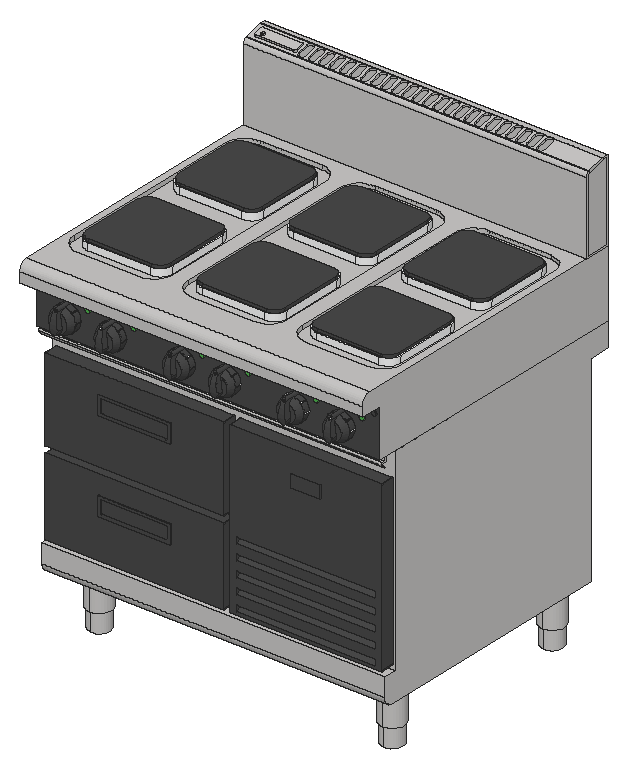
Revit family "QF_Moffat_RNB8600SE-RB_Electric_Cooktops_Sealed_Hobs_cat", category Specialty Equipment, Revit 2019 (continued)
Definition of nested family "High and Low Option"
  Forms (mm)
    Extrusion 3, solid, visible <- "High Back"
      sketch origin (0, 0, 0) x (0, 1, 0) y (0, 0, 1)
        loop
          arc (-60.278, 1114.555) -> (-64.982, 1111.412) -> (-66.8, 1106.055) r 8.8
          line (-66.8, 1106.055) -> (-66.8, 918.2) -> (-3.2, 918.2) -> (-3.2, 1126.909)
      from 0 to 3.2
    Extrusion 4, solid, visible <- "High Back"
      sketch origin (900, 0, 0) x (0, 1, 0) y (0, 0, -1)
        loop
          line (-3.2, -1126.909) -> (-3.2, -918.2) -> (-66.8, -918.2) -> (-66.8, -1106.055)
          arc (-66.8, -1106.055) -> (-64.982, -1111.412) -> (-60.278, -1114.555) r 8.8
          line (-60.278, -1114.555) -> (-14.172, -1126.909) -> (-3.2, -1126.909)
      from 0 to 3.2
    Extrusion 5, solid, visible <- "High Back"
      sketch origin (0, -15, 1130) x (0, -0.965926, -0.258819) y (1, 0, 0)
        loop
          line (47.732, 900) -> (0, 900) -> (0, 0) -> (47.732, 0) -> (47.732, 900)
        loop
          arc (11.379, 149.307) -> (1.379, 139.307) -> (11.379, 129.307) r 10
          line (11.379, 129.307) -> (36.495, 129.307)
          arc (36.495, 129.307) -> (46.495, 139.307) -> (36.495, 149.307) r 10
          line (36.495, 149.307) -> (11.379, 149.307)
        loop
          arc (11.379, 176.588) -> (1.379, 166.588) -> (11.379, 156.588) r 10
          line (11.379, 156.588) -> (36.495, 156.588)
          arc (36.495, 156.588) -> (46.495, 166.588) -> (36.495, 176.588) r 10
          line (36.495, 176.588) -> (11.379, 176.588)
        loop
          arc (11.379, 203.868) -> (1.379, 193.868) -> (11.379, 183.868) r 10
          line (11.379, 183.868) -> (36.495, 183.868)
          arc (36.495, 183.868) -> (46.495, 193.868) -> (36.495, 203.868) r 10
          line (36.495, 203.868) -> (11.379, 203.868)
        loop
          arc (11.379, 231.148) -> (1.379, 221.148) -> (11.379, 211.148) r 10
          line (11.379, 211.148) -> (36.495, 211.148)
          arc (36.495, 211.148) -> (46.495, 221.148) -> (36.495, 231.148) r 10
          line (36.495, 231.148) -> (11.379, 231.148)
        loop
          arc (11.379, 258.428) -> (1.379, 248.428) -> (11.379, 238.428) r 10
          line (11.379, 238.428) -> (36.495, 238.428)
          arc (36.495, 238.428) -> (46.495, 248.428) -> (36.495, 258.428) r 10
          line (36.495, 258.428) -> (11.379, 258.428)
        loop
          arc (11.379, 285.709) -> (1.379, 275.709) -> (11.379, 265.709) r 10
          line (11.379, 265.709) -> (36.495, 265.709)
          arc (36.495, 265.709) -> (46.495, 275.709) -> (36.495, 285.709) r 10
          line (36.495, 285.709) -> (11.379, 285.709)
        loop
          arc (11.379, 312.989) -> (1.379, 302.989) -> (11.379, 292.989) r 10
          line (11.379, 292.989) -> (36.495, 292.989)
          arc (36.495, 292.989) -> (46.495, 302.989) -> (36.495, 312.989) r 10
          line (36.495, 312.989) -> (11.379, 312.989)
        loop
          arc (11.379, 340.269) -> (1.379, 330.269) -> (11.379, 320.269) r 10
          line (11.379, 320.269) -> (36.495, 320.269)
          arc (36.495, 320.269) -> (46.495, 330.269) -> (36.495, 340.269) r 10
          line (36.495, 340.269) -> (11.379, 340.269)
        loop
          arc (11.379, 367.549) -> (1.379, 357.549) -> (11.379, 347.549) r 10
          line (11.379, 347.549) -> (36.495, 347.549)
          arc (36.495, 347.549) -> (46.495, 357.549) -> (36.495, 367.549) r 10
          line (36.495, 367.549) -> (11.379, 367.549)
        loop
          arc (11.379, 394.829) -> (1.379, 384.829) -> (11.379, 374.829) r 10
          line (11.379, 374.829) -> (36.495, 374.829)
          arc (36.495, 374.829) -> (46.495, 384.829) -> (36.495, 394.829) r 10
          line (36.495, 394.829) -> (11.379, 394.829)
        loop
          arc (11.379, 422.11) -> (1.379, 412.11) -> (11.379, 402.11) r 10
          line (11.379, 402.11) -> (36.495, 402.11)
          arc (36.495, 402.11) -> (46.495, 412.11) -> (36.495, 422.11) r 10
          line (36.495, 422.11) -> (11.379, 422.11)
        loop
          arc (11.379, 449.39) -> (1.379, 439.39) -> (11.379, 429.39) r 10
          line (11.379, 429.39) -> (36.495, 429.39)
          arc (36.495, 429.39) -> (46.495, 439.39) -> (36.495, 449.39) r 10
          line (36.495, 449.39) -> (11.379, 449.39)
        loop
          arc (11.379, 476.67) -> (1.379, 466.67) -> (11.379, 456.67) r 10
          line (11.379, 456.67) -> (36.495, 456.67)
          arc (36.495, 456.67) -> (46.495, 466.67) -> (36.495, 476.67) r 10
          line (36.495, 476.67) -> (11.379, 476.67)
        loop
          arc (11.379, 503.95) -> (1.379, 493.95) -> (11.379, 483.95) r 10
          line (11.379, 483.95) -> (36.495, 483.95)
          arc (36.495, 483.95) -> (46.495, 493.95) -> (36.495, 503.95) r 10
          line (36.495, 503.95) -> (11.379, 503.95)
        loop
          arc (11.379, 531.23) -> (1.379, 521.23) -> (11.379, 511.23) r 10
          line (11.379, 511.23) -> (36.495, 511.23)
          arc (36.495, 511.23) -> (46.495, 521.23) -> (36.495, 531.23) r 10
          line (36.495, 531.23) -> (11.379, 531.23)
        loop
          arc (11.379, 558.511) -> (1.379, 548.511) -> (11.379, 538.511) r 10
          line (11.379, 538.511) -> (36.495, 538.511)
          arc (36.495, 538.511) -> (46.495, 548.511) -> (36.495, 558.511) r 10
          line (36.495, 558.511) -> (11.379, 558.511)
        loop
          arc (11.379, 585.791) -> (1.379, 575.791) -> (11.379, 565.791) r 10
          line (11.379, 565.791) -> (36.495, 565.791)
          arc (36.495, 565.791) -> (46.495, 575.791) -> (36.495, 585.791) r 10
          line (36.495, 585.791) -> (11.379, 585.791)
        loop
          arc (11.379, 613.071) -> (1.379, 603.071) -> (11.379, 593.071) r 10
          line (11.379, 593.071) -> (36.495, 593.071)
          arc (36.495, 593.071) -> (46.495, 603.071) -> (36.495, 613.071) r 10
          line (36.495, 613.071) -> (11.379, 613.071)
        loop
          arc (11.379, 640.351) -> (1.379, 630.351) -> (11.379, 620.351) r 10
          line (11.379, 620.351) -> (36.495, 620.351)
          arc (36.495, 620.351) -> (46.495, 630.351) -> (36.495, 640.351) r 10
          line (36.495, 640.351) -> (11.379, 640.351)
        loop
          arc (11.379, 667.632) -> (1.379, 657.632) -> (11.379, 647.632) r 10
          line (11.379, 647.632) -> (36.495, 647.632)
          arc (36.495, 647.632) -> (46.495, 657.632) -> (36.495, 667.632) r 10
          line (36.495, 667.632) -> (11.379, 667.632)
        loop
          arc (11.379, 694.912) -> (1.379, 684.912) -> (11.379, 674.912) r 10
          line (11.379, 674.912) -> (36.495, 674.912)
          arc (36.495, 674.912) -> (46.495, 684.912) -> (36.495, 694.912) r 10
          line (36.495, 694.912) -> (11.379, 694.912)
        loop
          arc (11.379, 722.192) -> (1.379, 712.192) -> (11.379, 702.192) r 10
          line (11.379, 702.192) -> (36.495, 702.192)
          arc (36.495, 702.192) -> (46.495, 712.192) -> (36.495, 722.192) r 10
          line (36.495, 722.192) -> (11.379, 722.192)
        loop
          arc (11.379, 749.472) -> (1.379, 739.472) -> (11.379, 729.472) r 10
          line (11.379, 729.472) -> (36.495, 729.472)
          arc (36.495, 729.472) -> (46.495, 739.472) -> (36.495, 749.472) r 10
          line (36.495, 749.472) -> (11.379, 749.472)
        loop
          arc (11.379, 776.752) -> (1.379, 766.752) -> (11.379, 756.752) r 10
          line (11.379, 756.752) -> (36.495, 756.752)
          arc (36.495, 756.752) -> (46.495, 766.752) -> (36.495, 776.752) r 10
          line (36.495, 776.752) -> (11.379, 776.752)
      from 0 to -3.2
    Extrusion 6, solid, visible <- "Low Back", not visible
      sketch origin (0, 0, 600) x (0, 1, 0) y (0, 0, 1)
        loop
          line (-70, 315) -> (0, 315) -> (0, 370) -> (-55, 370) -> (-70, 355) -> (-70, 315)
      from 0 to 900
    Extrusion 7, solid, visible <- "High Back", not visible
      sketch origin (0, 0, 0) x (0, 1, 0) y (0, 0, 1)
        loop
          line (-70, 915) -> (0, 915) -> (0, 1130) -> (-15, 1130) -> (-14.172, 1126.909) -> (-3.2, 1126.909) -> (-3.2, 918.2) -> (-66.8, 918.2) -> (-66.8, 1106.055)
          arc (-66.8, 1106.055) -> (-64.982, 1111.412) -> (-60.278, 1114.555) r 8.8
          line (-60.278, 1114.555) -> (-61.106, 1117.646)
          arc (-61.106, 1117.646) -> (-67.52, 1113.36) -> (-70, 1106.055) r 12
          line (-70, 1106.055) -> (-70, 915)
      from 0 to 900
    Extrusion 8, solid, visible <- "High Back", not visible
      sketch origin (0, 0, 0) x (0, 1, 0) y (0, 0, 1)
        loop
          line (-3.2, 1126.909) -> (-14.172, 1126.909) -> (-60.278, 1114.555)
          arc (-60.278, 1114.555) -> (-64.982, 1111.412) -> (-66.8, 1106.055) r 8.8
          line (-66.8, 1106.055) -> (-66.8, 918.2) -> (-3.2, 918.2) -> (-3.2, 1126.909)
      from 0 to 3.2
    Extrusion 9, solid, visible <- "High Back", not visible
      sketch origin (900, 0, 0) x (0, 1, 0) y (0, 0, -1)
        loop
          line (-3.2, -1126.909) -> (-3.2, -918.2) -> (-66.8, -918.2) -> (-66.8, -1106.055)
          arc (-66.8, -1106.055) -> (-64.982, -1111.412) -> (-60.278, -1114.555) r 8.8
          line (-60.278, -1114.555) -> (-14.172, -1126.909) -> (-3.2, -1126.909)
      from 0 to 3.2
    Extrusion 10, solid, visible <- "High Back", not visible
      sketch origin (0, -15, 1130) x (0, -0.965926, -0.258819) y (1, 0, 0)
        loop
          line (47.732, 900) -> (0, 900) -> (0, 0) -> (47.732, 0) -> (47.732, 900)
        loop
          arc (11.379, 149.307) -> (1.379, 139.307) -> (11.379, 129.307) r 10
          line (11.379, 129.307) -> (36.495, 129.307)
          arc (36.495, 129.307) -> (46.495, 139.307) -> (36.495, 149.307) r 10
          line (36.495, 149.307) -> (11.379, 149.307)
        loop
          arc (11.379, 176.588) -> (1.379, 166.588) -> (11.379, 156.588) r 10
          line (11.379, 156.588) -> (36.495, 156.588)
          arc (36.495, 156.588) -> (46.495, 166.588) -> (36.495, 176.588) r 10
          line (36.495, 176.588) -> (11.379, 176.588)
        loop
          arc (11.379, 203.868) -> (1.379, 193.868) -> (11.379, 183.868) r 10
          line (11.379, 183.868) -> (36.495, 183.868)
          arc (36.495, 183.868) -> (46.495, 193.868) -> (36.495, 203.868) r 10
          line (36.495, 203.868) -> (11.379, 203.868)
        loop
          arc (11.379, 231.148) -> (1.379, 221.148) -> (11.379, 211.148) r 10
          line (11.379, 211.148) -> (36.495, 211.148)
          arc (36.495, 211.148) -> (46.495, 221.148) -> (36.495, 231.148) r 10
          line (36.495, 231.148) -> (11.379, 231.148)
        loop
          arc (11.379, 258.428) -> (1.379, 248.428) -> (11.379, 238.428) r 10
          line (11.379, 238.428) -> (36.495, 238.428)
          arc (36.495, 238.428) -> (46.495, 248.428) -> (36.495, 258.428) r 10
          line (36.495, 258.428) -> (11.379, 258.428)
        loop
          arc (11.379, 285.709) -> (1.379, 275.709) -> (11.379, 265.709) r 10
          line (11.379, 265.709) -> (36.495, 265.709)
          arc (36.495, 265.709) -> (46.495, 275.709) -> (36.495, 285.709) r 10
          line (36.495, 285.709) -> (11.379, 285.709)
        loop
          arc (11.379, 312.989) -> (1.379, 302.989) -> (11.379, 292.989) r 10
          line (11.379, 292.989) -> (36.495, 292.989)
          arc (36.495, 292.989) -> (46.495, 302.989) -> (36.495, 312.989) r 10
          line (36.495, 312.989) -> (11.379, 312.989)
        loop
          arc (11.379, 340.269) -> (1.379, 330.269) -> (11.379, 320.269) r 10
          line (11.379, 320.269) -> (36.495, 320.269)
          arc (36.495, 320.269) -> (46.495, 330.269) -> (36.495, 340.269) r 10
          line (36.495, 340.269) -> (11.379, 340.269)
        loop
          arc (11.379, 367.549) -> (1.379, 357.549) -> (11.379, 347.549) r 10
          line (11.379, 347.549) -> (36.495, 347.549)
          arc (36.495, 347.549) -> (46.495, 357.549) -> (36.495, 367.549) r 10
          line (36.495, 367.549) -> (11.379, 367.549)
        loop
          arc (11.379, 394.829) -> (1.379, 384.829) -> (11.379, 374.829) r 10
          line (11.379, 374.829) -> (36.495, 374.829)
          arc (36.495, 374.829) -> (46.495, 384.829) -> (36.495, 394.829) r 10
          line (36.495, 394.829) -> (11.379, 394.829)
        loop
          arc (11.379, 422.11) -> (1.379, 412.11) -> (11.379, 402.11) r 10
          line (11.379, 402.11) -> (36.495, 402.11)
          arc (36.495, 402.11) -> (46.495, 412.11) -> (36.495, 422.11) r 10
          line (36.495, 422.11) -> (11.379, 422.11)
        loop
          arc (11.379, 449.39) -> (1.379, 439.39) -> (11.379, 429.39) r 10
          line (11.379, 429.39) -> (36.495, 429.39)
          arc (36.495, 429.39) -> (46.495, 439.39) -> (36.495, 449.39) r 10
          line (36.495, 449.39) -> (11.379, 449.39)
        loop
          arc (11.379, 476.67) -> (1.379, 466.67) -> (11.379, 456.67) r 10
          line (11.379, 456.67) -> (36.495, 456.67)
          arc (36.495, 456.67) -> (46.495, 466.67) -> (36.495, 476.67) r 10
          line (36.495, 476.67) -> (11.379, 476.67)
        loop
          arc (11.379, 503.95) -> (1.379, 493.95) -> (11.379, 483.95) r 10
          line (11.379, 483.95) -> (36.495, 483.95)
          arc (36.495, 483.95) -> (46.495, 493.95) -> (36.495, 503.95) r 10
          line (36.495, 503.95) -> (11.379, 503.95)
        loop
          arc (11.379, 531.23) -> (1.379, 521.23) -> (11.379, 511.23) r 10
          line (11.379, 511.23) -> (36.495, 511.23)
          arc (36.495, 511.23) -> (46.495, 521.23) -> (36.495, 531.23) r 10
          line (36.495, 531.23) -> (11.379, 531.23)
        loop
          arc (11.379, 558.511) -> (1.379, 548.511) -> (11.379, 538.511) r 10
          line (11.379, 538.511) -> (36.495, 538.511)
          arc (36.495, 538.511) -> (46.495, 548.511) -> (36.495, 558.511) r 10
          line (36.495, 558.511) -> (11.379, 558.511)
        loop
          arc (11.379, 585.791) -> (1.379, 575.791) -> (11.379, 565.791) r 10
          line (11.379, 565.791) -> (36.495, 565.791)
          arc (36.495, 565.791) -> (46.495, 575.791) -> (36.495, 585.791) r 10
          line (36.495, 585.791) -> (11.379, 585.791)
        loop
          arc (11.379, 613.071) -> (1.379, 603.071) -> (11.379, 593.071) r 10
          line (11.379, 593.071) -> (36.495, 593.071)
          arc (36.495, 593.071) -> (46.495, 603.071) -> (36.495, 613.071) r 10
          line (36.495, 613.071) -> (11.379, 613.071)
        loop
          arc (11.379, 640.351) -> (1.379, 630.351) -> (11.379, 620.351) r 10
          line (11.379, 620.351) -> (36.495, 620.351)
          arc (36.495, 620.351) -> (46.495, 630.351) -> (36.495, 640.351) r 10
          line (36.495, 640.351) -> (11.379, 640.351)
        loop
          arc (11.379, 667.632) -> (1.379, 657.632) -> (11.379, 647.632) r 10
          line (11.379, 647.632) -> (36.495, 647.632)
          arc (36.495, 647.632) -> (46.495, 657.632) -> (36.495, 667.632) r 10
          line (36.495, 667.632) -> (11.379, 667.632)
        loop
          arc (11.379, 694.912) -> (1.379, 684.912) -> (11.379, 674.912) r 10
          line (11.379, 674.912) -> (36.495, 674.912)
          arc (36.495, 674.912) -> (46.495, 684.912) -> (36.495, 694.912) r 10
          line (36.495, 694.912) -> (11.379, 694.912)
        loop
          arc (11.379, 722.192) -> (1.379, 712.192) -> (11.379, 702.192) r 10
          line (11.379, 702.192) -> (36.495, 702.192)
          arc (36.495, 702.192) -> (46.495, 712.192) -> (36.495, 722.192) r 10
          line (36.495, 722.192) -> (11.379, 722.192)
        loop
          arc (11.379, 749.472) -> (1.379, 739.472) -> (11.379, 729.472) r 10
          line (11.379, 729.472) -> (36.495, 729.472)
          arc (36.495, 729.472) -> (46.495, 739.472) -> (36.495, 749.472) r 10
          line (36.495, 749.472) -> (11.379, 749.472)
        loop
          arc (11.379, 776.752) -> (1.379, 766.752) -> (11.379, 756.752) r 10
          line (11.379, 756.752) -> (36.495, 756.752)
          arc (36.495, 756.752) -> (46.495, 766.752) -> (36.495, 776.752) r 10
          line (36.495, 776.752) -> (11.379, 776.752)
      from 0 to -3.2
  Lines and regions (mm)
    symbolic lines
      curve 1: line (0, -71.587, 946.25) -> (0, -71.587, 923.25)
      curve 2: line (0, 0, 0) -> (900, 0, 0)
      curve 3: line (0, -70, 0) -> (0, 0, 0)
      curve 4: line (900, -70, 0) -> (0, -70, 0)
      curve 5: line (900, 0, 0) -> (900, -70, 0)
      curve 202: line (0, 0, 0) -> (900, 0, 0)
      curve 203: line (0, -70, 0) -> (0, 0, 0)
      curve 204: line (900, -70, 0) -> (0, -70, 0)
      curve 205: line (900, 0, 0) -> (900, -70, 0)
    symbolic lines, visible <- "High Back"
      curve 6: line (129.307, -50.251, 0) -> (129.307, -25.991, 0)
      curve 7: spline (129.307, -25.991, 0) -> (129.648, -23.491, 0) -> (130.647, -21.162, 0) -> (132.236, -19.161, 0) -> (134.307, -17.626, 0) -> (136.719, -16.661, 0) -> (139.307, -16.332, 0) -> (141.896, -16.661, 0) -> (144.307, -17.626, 0) -> (146.379, -19.161, 0) -> (147.968, -21.162, 0) -> (148.967, -23.491, 0) -> (149.307, -25.991, 0)
      curve 8: line (149.307, -25.991, 0) -> (149.307, -50.251, 0)
      curve 9: spline (149.307, -50.251, 0) -> (148.967, -52.751, 0) -> (147.968, -55.081, 0) -> (146.379, -57.081, 0) -> (144.307, -58.616, 0) -> (141.896, -59.581, 0) -> (139.307, -59.91, 0) -> (136.719, -59.581, 0) -> (134.307, -58.616, 0) -> (132.236, -57.081, 0) -> (130.647, -55.081, 0) -> (129.648, -52.751, 0) -> (129.307, -50.251, 0)
      curve 10: line (156.588, -50.251, 0) -> (156.588, -25.991, 0)
      curve 11: spline (156.588, -25.991, 0) -> (156.928, -23.491, 0) -> (157.927, -21.162, 0) -> (159.517, -19.161, 0) -> (161.588, -17.626, 0) -> (164, -16.661, 0) -> (166.588, -16.332, 0) -> (169.176, -16.661, 0) -> (171.588, -17.626, 0) -> (173.659, -19.161, 0) -> (175.248, -21.162, 0) -> (176.247, -23.491, 0) -> (176.588, -25.991, 0)
      curve 12: line (176.588, -25.991, 0) -> (176.588, -50.251, 0)
      curve 13: spline (176.588, -50.251, 0) -> (176.247, -52.751, 0) -> (175.248, -55.081, 0) -> (173.659, -57.081, 0) -> (171.588, -58.616, 0) -> (169.176, -59.581, 0) -> (166.588, -59.91, 0) -> (164, -59.581, 0) -> (161.588, -58.616, 0) -> (159.517, -57.081, 0) -> (157.927, -55.081, 0) -> (156.928, -52.751, 0) -> (156.588, -50.251, 0)
      curve 14: line (183.868, -50.251, 0) -> (183.868, -25.991, 0)
      curve 15: spline (183.868, -25.991, 0) -> (184.209, -23.491, 0) -> (185.208, -21.162, 0) -> (186.797, -19.161, 0) -> (188.868, -17.626, 0) -> (191.28, -16.661, 0) -> (193.868, -16.332, 0) -> (196.456, -16.661, 0) -> (198.868, -17.626, 0) -> (200.939, -19.161, 0) -> (202.528, -21.162, 0) -> (203.527, -23.491, 0) -> (203.868, -25.991, 0)
      curve 16: line (203.868, -25.991, 0) -> (203.868, -50.251, 0)
      curve 17: spline (203.868, -50.251, 0) -> (203.527, -52.751, 0) -> (202.528, -55.081, 0) -> (200.939, -57.081, 0) -> (198.868, -58.616, 0) -> (196.456, -59.581, 0) -> (193.868, -59.91, 0) -> (191.28, -59.581, 0) -> (188.868, -58.616, 0) -> (186.797, -57.081, 0) -> (185.208, -55.081, 0) -> (184.209, -52.751, 0) -> (183.868, -50.251, 0)
      curve 18: line (211.148, -50.251, 0) -> (211.148, -25.991, 0)
      curve 19: spline (211.148, -25.991, 0) -> (211.489, -23.491, 0) -> (212.488, -21.162, 0) -> (214.077, -19.161, 0) -> (216.148, -17.626, 0) -> (218.56, -16.661, 0) -> (221.148, -16.332, 0) -> (223.736, -16.661, 0) -> (226.148, -17.626, 0) -> (228.219, -19.161, 0) -> (229.808, -21.162, 0) -> (230.807, -23.491, 0) -> (231.148, -25.991, 0)
      curve 20: line (231.148, -25.991, 0) -> (231.148, -50.251, 0)
      curve 21: spline (231.148, -50.251, 0) -> (230.807, -52.751, 0) -> (229.808, -55.081, 0) -> (228.219, -57.081, 0) -> (226.148, -58.616, 0) -> (223.736, -59.581, 0) -> (221.148, -59.91, 0) -> (218.56, -59.581, 0) -> (216.148, -58.616, 0) -> (214.077, -57.081, 0) -> (212.488, -55.081, 0) -> (211.489, -52.751, 0) -> (211.148, -50.251, 0)
      curve 22: line (238.428, -50.251, 0) -> (238.428, -25.991, 0)
      curve 23: spline (238.428, -25.991, 0) -> (238.769, -23.491, 0) -> (239.768, -21.162, 0) -> (241.357, -19.161, 0) -> (243.428, -17.626, 0) -> (245.84, -16.661, 0) -> (248.428, -16.332, 0) -> (251.017, -16.661, 0) -> (253.428, -17.626, 0) -> (255.499, -19.161, 0) -> (257.089, -21.162, 0) -> (258.088, -23.491, 0) -> (258.428, -25.991, 0)
      curve 24: line (258.428, -25.991, 0) -> (258.428, -50.251, 0)
      curve 25: spline (258.428, -50.251, 0) -> (258.088, -52.751, 0) -> (257.089, -55.081, 0) -> (255.499, -57.081, 0) -> (253.428, -58.616, 0) -> (251.017, -59.581, 0) -> (248.428, -59.91, 0) -> (245.84, -59.581, 0) -> (243.428, -58.616, 0) -> (241.357, -57.081, 0) -> (239.768, -55.081, 0) -> (238.769, -52.751, 0) -> (238.428, -50.251, 0)
      curve 26: line (265.709, -50.251, 0) -> (265.709, -25.991, 0)
      curve 27: spline (265.709, -25.991, 0) -> (266.049, -23.491, 0) -> (267.048, -21.162, 0) -> (268.637, -19.161, 0) -> (270.709, -17.626, 0) -> (273.12, -16.661, 0) -> (275.709, -16.332, 0) -> (278.297, -16.661, 0) -> (280.709, -17.626, 0) -> (282.78, -19.161, 0) -> (284.369, -21.162, 0) -> (285.368, -23.491, 0) -> (285.709, -25.991, 0)
      curve 28: line (285.709, -25.991, 0) -> (285.709, -50.251, 0)
      curve 29: spline (285.709, -50.251, 0) -> (285.368, -52.751, 0) -> (284.369, -55.081, 0) -> (282.78, -57.081, 0) -> (280.709, -58.616, 0) -> (278.297, -59.581, 0) -> (275.709, -59.91, 0) -> (273.12, -59.581, 0) -> (270.709, -58.616, 0) -> (268.637, -57.081, 0) -> (267.048, -55.081, 0) -> (266.049, -52.751, 0) -> (265.709, -50.251, 0)
      curve 30: line (292.989, -50.251, 0) -> (292.989, -25.991, 0)
      curve 31: spline (292.989, -25.991, 0) -> (293.329, -23.491, 0) -> (294.329, -21.162, 0) -> (295.918, -19.161, 0) -> (297.989, -17.626, 0) -> (300.401, -16.661, 0) -> (302.989, -16.332, 0) -> (305.577, -16.661, 0) -> (307.989, -17.626, 0) -> (310.06, -19.161, 0) -> (311.649, -21.162, 0) -> (312.648, -23.491, 0) -> (312.989, -25.991, 0)
      curve 32: line (312.989, -25.991, 0) -> (312.989, -50.251, 0)
      curve 33: spline (312.989, -50.251, 0) -> (312.648, -52.751, 0) -> (311.649, -55.081, 0) -> (310.06, -57.081, 0) -> (307.989, -58.616, 0) -> (305.577, -59.581, 0) -> (302.989, -59.91, 0) -> (300.401, -59.581, 0) -> (297.989, -58.616, 0) -> (295.918, -57.081, 0) -> (294.329, -55.081, 0) -> (293.329, -52.751, 0) -> (292.989, -50.251, 0)
      curve 34: line (320.269, -50.251, 0) -> (320.269, -25.991, 0)
      curve 35: spline (320.269, -25.991, 0) -> (320.61, -23.491, 0) -> (321.609, -21.162, 0) -> (323.198, -19.161, 0) -> (325.269, -17.626, 0) -> (327.681, -16.661, 0) -> (330.269, -16.332, 0) -> (332.857, -16.661, 0) -> (335.269, -17.626, 0) -> (337.34, -19.161, 0) -> (338.929, -21.162, 0) -> (339.928, -23.491, 0) -> (340.269, -25.991, 0)
      curve 36: line (340.269, -25.991, 0) -> (340.269, -50.251, 0)
      curve 37: spline (340.269, -50.251, 0) -> (339.928, -52.751, 0) -> (338.929, -55.081, 0) -> (337.34, -57.081, 0) -> (335.269, -58.616, 0) -> (332.857, -59.581, 0) -> (330.269, -59.91, 0) -> (327.681, -59.581, 0) -> (325.269, -58.616, 0) -> (323.198, -57.081, 0) -> (321.609, -55.081, 0) -> (320.61, -52.751, 0) -> (320.269, -50.251, 0)
      curve 38: line (347.549, -50.251, 0) -> (347.549, -25.991, 0)
      curve 39: spline (347.549, -25.991, 0) -> (347.89, -23.491, 0) -> (348.889, -21.162, 0) -> (350.478, -19.161, 0) -> (352.549, -17.626, 0) -> (354.961, -16.661, 0) -> (357.549, -16.332, 0) -> (360.137, -16.661, 0) -> (362.549, -17.626, 0) -> (364.62, -19.161, 0) -> (366.209, -21.162, 0) -> (367.208, -23.491, 0) -> (367.549, -25.991, 0)
      curve 40: line (367.549, -25.991, 0) -> (367.549, -50.251, 0)
      curve 41: spline (367.549, -50.251, 0) -> (367.208, -52.751, 0) -> (366.209, -55.081, 0) -> (364.62, -57.081, 0) -> (362.549, -58.616, 0) -> (360.137, -59.581, 0) -> (357.549, -59.91, 0) -> (354.961, -59.581, 0) -> (352.549, -58.616, 0) -> (350.478, -57.081, 0) -> (348.889, -55.081, 0) -> (347.89, -52.751, 0) -> (347.549, -50.251, 0)
      curve 42: line (374.829, -50.251, 0) -> (374.829, -25.991, 0)
      curve 43: spline (374.829, -25.991, 0) -> (375.17, -23.491, 0) -> (376.169, -21.162, 0) -> (377.758, -19.161, 0) -> (379.829, -17.626, 0) -> (382.241, -16.661, 0) -> (384.829, -16.332, 0) -> (387.418, -16.661, 0) -> (389.829, -17.626, 0) -> (391.9, -19.161, 0) -> (393.49, -21.162, 0) -> (394.489, -23.491, 0) -> (394.829, -25.991, 0)
      curve 44: line (394.829, -25.991, 0) -> (394.829, -50.251, 0)
      curve 45: spline (394.829, -50.251, 0) -> (394.489, -52.751, 0) -> (393.49, -55.081, 0) -> (391.9, -57.081, 0) -> (389.829, -58.616, 0) -> (387.418, -59.581, 0) -> (384.829, -59.91, 0) -> (382.241, -59.581, 0) -> (379.829, -58.616, 0) -> (377.758, -57.081, 0) -> (376.169, -55.081, 0) -> (375.17, -52.751, 0) -> (374.829, -50.251, 0)
      curve 46: line (402.11, -50.251, 0) -> (402.11, -25.991, 0)
      curve 47: spline (402.11, -25.991, 0) -> (402.45, -23.491, 0) -> (403.449, -21.162, 0) -> (405.039, -19.161, 0) -> (407.11, -17.626, 0) -> (409.521, -16.661, 0) -> (412.11, -16.332, 0) -> (414.698, -16.661, 0) -> (417.11, -17.626, 0) -> (419.181, -19.161, 0) -> (420.77, -21.162, 0) -> (421.769, -23.491, 0) -> (422.11, -25.991, 0)
      curve 48: line (422.11, -25.991, 0) -> (422.11, -50.251, 0)
      curve 49: spline (422.11, -50.251, 0) -> (421.769, -52.751, 0) -> (420.77, -55.081, 0) -> (419.181, -57.081, 0) -> (417.11, -58.616, 0) -> (414.698, -59.581, 0) -> (412.11, -59.91, 0) -> (409.521, -59.581, 0) -> (407.11, -58.616, 0) -> (405.039, -57.081, 0) -> (403.449, -55.081, 0) -> (402.45, -52.751, 0) -> (402.11, -50.251, 0)
      curve 50: line (429.39, -50.251, 0) -> (429.39, -25.991, 0)
      curve 51: spline (429.39, -25.991, 0) -> (429.731, -23.491, 0) -> (430.73, -21.162, 0) -> (432.319, -19.161, 0) -> (434.39, -17.626, 0) -> (436.802, -16.661, 0) -> (439.39, -16.332, 0) -> (441.978, -16.661, 0) -> (444.39, -17.626, 0) -> (446.461, -19.161, 0) -> (448.05, -21.162, 0) -> (449.049, -23.491, 0) -> (449.39, -25.991, 0)
      curve 52: line (449.39, -25.991, 0) -> (449.39, -50.251, 0)
      curve 53: spline (449.39, -50.251, 0) -> (449.049, -52.751, 0) -> (448.05, -55.081, 0) -> (446.461, -57.081, 0) -> (444.39, -58.616, 0) -> (441.978, -59.581, 0) -> (439.39, -59.91, 0) -> (436.802, -59.581, 0) -> (434.39, -58.616, 0) -> (432.319, -57.081, 0) -> (430.73, -55.081, 0) -> (429.731, -52.751, 0) -> (429.39, -50.251, 0)
      curve 54: line (456.67, -50.251, 0) -> (456.67, -25.991, 0)
      curve 55: spline (456.67, -25.991, 0) -> (457.011, -23.491, 0) -> (458.01, -21.162, 0) -> (459.599, -19.161, 0) -> (461.67, -17.626, 0) -> (464.082, -16.661, 0) -> (466.67, -16.332, 0) -> (469.258, -16.661, 0) -> (471.67, -17.626, 0) -> (473.741, -19.161, 0) -> (475.33, -21.162, 0) -> (476.329, -23.491, 0) -> (476.67, -25.991, 0)
      curve 56: line (476.67, -25.991, 0) -> (476.67, -50.251, 0)
      curve 57: spline (476.67, -50.251, 0) -> (476.329, -52.751, 0) -> (475.33, -55.081, 0) -> (473.741, -57.081, 0) -> (471.67, -58.616, 0) -> (469.258, -59.581, 0) -> (466.67, -59.91, 0) -> (464.082, -59.581, 0) -> (461.67, -58.616, 0) -> (459.599, -57.081, 0) -> (458.01, -55.081, 0) -> (457.011, -52.751, 0) -> (456.67, -50.251, 0)
      curve 58: line (483.95, -50.251, 0) -> (483.95, -25.991, 0)
      curve 59: spline (483.95, -25.991, 0) -> (484.291, -23.491, 0) -> (485.29, -21.162, 0) -> (486.879, -19.161, 0) -> (488.95, -17.626, 0) -> (491.362, -16.661, 0) -> (493.95, -16.332, 0) -> (496.538, -16.661, 0) -> (498.95, -17.626, 0) -> (501.021, -19.161, 0) -> (502.61, -21.162, 0) -> (503.609, -23.491, 0) -> (503.95, -25.991, 0)
      curve 60: line (503.95, -25.991, 0) -> (503.95, -50.251, 0)
      curve 61: spline (503.95, -50.251, 0) -> (503.609, -52.751, 0) -> (502.61, -55.081, 0) -> (501.021, -57.081, 0) -> (498.95, -58.616, 0) -> (496.538, -59.581, 0) -> (493.95, -59.91, 0) -> (491.362, -59.581, 0) -> (488.95, -58.616, 0) -> (486.879, -57.081, 0) -> (485.29, -55.081, 0) -> (484.291, -52.751, 0) -> (483.95, -50.251, 0)
      curve 62: line (511.23, -50.251, 0) -> (511.23, -25.991, 0)
      curve 63: spline (511.23, -25.991, 0) -> (511.571, -23.491, 0) -> (512.57, -21.162, 0) -> (514.159, -19.161, 0) -> (516.23, -17.626, 0) -> (518.642, -16.661, 0) -> (521.23, -16.332, 0) -> (523.819, -16.661, 0) -> (526.23, -17.626, 0) -> (528.302, -19.161, 0) -> (529.891, -21.162, 0) -> (530.89, -23.491, 0) -> (531.23, -25.991, 0)
      curve 64: line (531.23, -25.991, 0) -> (531.23, -50.251, 0)
      curve 65: spline (531.23, -50.251, 0) -> (530.89, -52.751, 0) -> (529.891, -55.081, 0) -> (528.302, -57.081, 0) -> (526.23, -58.616, 0) -> (523.819, -59.581, 0) -> (521.23, -59.91, 0) -> (518.642, -59.581, 0) -> (516.23, -58.616, 0) -> (514.159, -57.081, 0) -> (512.57, -55.081, 0) -> (511.571, -52.751, 0) -> (511.23, -50.251, 0)
      curve 66: line (538.511, -50.251, 0) -> (538.511, -25.991, 0)
      curve 67: spline (538.511, -25.991, 0) -> (538.851, -23.491, 0) -> (539.85, -21.162, 0) -> (541.44, -19.161, 0) -> (543.511, -17.626, 0) -> (545.922, -16.661, 0) -> (548.511, -16.332, 0) -> (551.099, -16.661, 0) -> (553.511, -17.626, 0) -> (555.582, -19.161, 0) -> (557.171, -21.162, 0) -> (558.17, -23.491, 0) -> (558.511, -25.991, 0)
      curve 68: line (558.511, -25.991, 0) -> (558.511, -50.251, 0)
      curve 69: spline (558.511, -50.251, 0) -> (558.17, -52.751, 0) -> (557.171, -55.081, 0) -> (555.582, -57.081, 0) -> (553.511, -58.616, 0) -> (551.099, -59.581, 0) -> (548.511, -59.91, 0) -> (545.922, -59.581, 0) -> (543.511, -58.616, 0) -> (541.44, -57.081, 0) -> (539.85, -55.081, 0) -> (538.851, -52.751, 0) -> (538.511, -50.251, 0)
      curve 70: line (565.791, -50.251, 0) -> (565.791, -25.991, 0)
      curve 71: spline (565.791, -25.991, 0) -> (566.132, -23.491, 0) -> (567.131, -21.162, 0) -> (568.72, -19.161, 0) -> (570.791, -17.626, 0) -> (573.203, -16.661, 0) -> (575.791, -16.332, 0) -> (578.379, -16.661, 0) -> (580.791, -17.626, 0) -> (582.862, -19.161, 0) -> (584.451, -21.162, 0) -> (585.45, -23.491, 0) -> (585.791, -25.991, 0)
      curve 72: line (585.791, -25.991, 0) -> (585.791, -50.251, 0)
      curve 73: spline (585.791, -50.251, 0) -> (585.45, -52.751, 0) -> (584.451, -55.081, 0) -> (582.862, -57.081, 0) -> (580.791, -58.616, 0) -> (578.379, -59.581, 0) -> (575.791, -59.91, 0) -> (573.203, -59.581, 0) -> (570.791, -58.616, 0) -> (568.72, -57.081, 0) -> (567.131, -55.081, 0) -> (566.132, -52.751, 0) -> (565.791, -50.251, 0)
      curve 74: line (593.071, -50.251, 0) -> (593.071, -25.991, 0)
      curve 75: spline (593.071, -25.991, 0) -> (593.412, -23.491, 0) -> (594.411, -21.162, 0) -> (596, -19.161, 0) -> (598.071, -17.626, 0) -> (600.483, -16.661, 0) -> (603.071, -16.332, 0) -> (605.659, -16.661, 0) -> (608.071, -17.626, 0) -> (610.142, -19.161, 0) -> (611.731, -21.162, 0) -> (612.73, -23.491, 0) -> (613.071, -25.991, 0)
      curve 76: line (613.071, -25.991, 0) -> (613.071, -50.251, 0)
      curve 77: spline (613.071, -50.251, 0) -> (612.73, -52.751, 0) -> (611.731, -55.081, 0) -> (610.142, -57.081, 0) -> (608.071, -58.616, 0) -> (605.659, -59.581, 0) -> (603.071, -59.91, 0) -> (600.483, -59.581, 0) -> (598.071, -58.616, 0) -> (596, -57.081, 0) -> (594.411, -55.081, 0) -> (593.412, -52.751, 0) -> (593.071, -50.251, 0)
      curve 78: line (620.351, -50.251, 0) -> (620.351, -25.991, 0)
      curve 79: spline (620.351, -25.991, 0) -> (620.692, -23.491, 0) -> (621.691, -21.162, 0) -> (623.28, -19.161, 0) -> (625.351, -17.626, 0) -> (627.763, -16.661, 0) -> (630.351, -16.332, 0) -> (632.939, -16.661, 0) -> (635.351, -17.626, 0) -> (637.422, -19.161, 0) -> (639.012, -21.162, 0) -> (640.011, -23.491, 0) -> (640.351, -25.991, 0)
      curve 80: line (640.351, -25.991, 0) -> (640.351, -50.251, 0)
      curve 81: spline (640.351, -50.251, 0) -> (640.011, -52.751, 0) -> (639.012, -55.081, 0) -> (637.422, -57.081, 0) -> (635.351, -58.616, 0) -> (632.939, -59.581, 0) -> (630.351, -59.91, 0) -> (627.763, -59.581, 0) -> (625.351, -58.616, 0) -> (623.28, -57.081, 0) -> (621.691, -55.081, 0) -> (620.692, -52.751, 0) -> (620.351, -50.251, 0)
      curve 82: line (647.632, -50.251, 0) -> (647.632, -25.991, 0)
      curve 83: spline (647.632, -25.991, 0) -> (647.972, -23.491, 0) -> (648.971, -21.162, 0) -> (650.56, -19.161, 0) -> (652.632, -17.626, 0) -> (655.043, -16.661, 0) -> (657.632, -16.332, 0) -> (660.22, -16.661, 0) -> (662.632, -17.626, 0) -> (664.703, -19.161, 0) -> (666.292, -21.162, 0) -> (667.291, -23.491, 0) -> (667.632, -25.991, 0)
      curve 84: line (667.632, -25.991, 0) -> (667.632, -50.251, 0)
      curve 85: spline (667.632, -50.251, 0) -> (667.291, -52.751, 0) -> (666.292, -55.081, 0) -> (664.703, -57.081, 0) -> (662.632, -58.616, 0) -> (660.22, -59.581, 0) -> (657.632, -59.91, 0) -> (655.043, -59.581, 0) -> (652.632, -58.616, 0) -> (650.56, -57.081, 0) -> (648.971, -55.081, 0) -> (647.972, -52.751, 0) -> (647.632, -50.251, 0)
      curve 86: line (674.912, -50.251, 0) -> (674.912, -25.991, 0)
      curve 87: spline (674.912, -25.991, 0) -> (675.252, -23.491, 0) -> (676.251, -21.162, 0) -> (677.841, -19.161, 0) -> (679.912, -17.626, 0) -> (682.324, -16.661, 0) -> (684.912, -16.332, 0) -> (687.5, -16.661, 0) -> (689.912, -17.626, 0) -> (691.983, -19.161, 0) -> (693.572, -21.162, 0) -> (694.571, -23.491, 0) -> (694.912, -25.991, 0)
      curve 88: line (694.912, -25.991, 0) -> (694.912, -50.251, 0)
      curve 89: spline (694.912, -50.251, 0) -> (694.571, -52.751, 0) -> (693.572, -55.081, 0) -> (691.983, -57.081, 0) -> (689.912, -58.616, 0) -> (687.5, -59.581, 0) -> (684.912, -59.91, 0) -> (682.324, -59.581, 0) -> (679.912, -58.616, 0) -> (677.841, -57.081, 0) -> (676.251, -55.081, 0) -> (675.252, -52.751, 0) -> (674.912, -50.251, 0)
      curve 90: line (702.192, -50.251, 0) -> (702.192, -25.991, 0)
      curve 91: spline (702.192, -25.991, 0) -> (702.533, -23.491, 0) -> (703.532, -21.162, 0) -> (705.121, -19.161, 0) -> (707.192, -17.626, 0) -> (709.604, -16.661, 0) -> (712.192, -16.332, 0) -> (714.78, -16.661, 0) -> (717.192, -17.626, 0) -> (719.263, -19.161, 0) -> (720.852, -21.162, 0) -> (721.851, -23.491, 0) -> (722.192, -25.991, 0)
      curve 92: line (722.192, -25.991, 0) -> (722.192, -50.251, 0)
      curve 93: spline (722.192, -50.251, 0) -> (721.851, -52.751, 0) -> (720.852, -55.081, 0) -> (719.263, -57.081, 0) -> (717.192, -58.616, 0) -> (714.78, -59.581, 0) -> (712.192, -59.91, 0) -> (709.604, -59.581, 0) -> (707.192, -58.616, 0) -> (705.121, -57.081, 0) -> (703.532, -55.081, 0) -> (702.533, -52.751, 0) -> (702.192, -50.251, 0)
      curve 94: line (729.472, -50.251, 0) -> (729.472, -25.991, 0)
      curve 95: spline (729.472, -25.991, 0) -> (729.813, -23.491, 0) -> (730.812, -21.162, 0) -> (732.401, -19.161, 0) -> (734.472, -17.626, 0) -> (736.884, -16.661, 0) -> (739.472, -16.332, 0) -> (742.06, -16.661, 0) -> (744.472, -17.626, 0) -> (746.543, -19.161, 0) -> (748.132, -21.162, 0) -> (749.131, -23.491, 0) -> (749.472, -25.991, 0)
      curve 96: line (749.472, -25.991, 0) -> (749.472, -50.251, 0)
      curve 97: spline (749.472, -50.251, 0) -> (749.131, -52.751, 0) -> (748.132, -55.081, 0) -> (746.543, -57.081, 0) -> (744.472, -58.616, 0) -> (742.06, -59.581, 0) -> (739.472, -59.91, 0) -> (736.884, -59.581, 0) -> (734.472, -58.616, 0) -> (732.401, -57.081, 0) -> (730.812, -55.081, 0) -> (729.813, -52.751, 0) -> (729.472, -50.251, 0)
      curve 98: line (756.752, -50.251, 0) -> (756.752, -25.991, 0)
      curve 99: spline (756.752, -25.991, 0) -> (757.093, -23.491, 0) -> (758.092, -21.162, 0) -> (759.681, -19.161, 0) -> (761.752, -17.626, 0) -> (764.164, -16.661, 0) -> (766.752, -16.332, 0) -> (769.341, -16.661, 0) -> (771.752, -17.626, 0) -> (773.823, -19.161, 0) -> (775.413, -21.162, 0) -> (776.412, -23.491, 0) -> (776.752, -25.991, 0)
      curve 100: line (776.752, -25.991, 0) -> (776.752, -50.251, 0)
      curve 101: spline (776.752, -50.251, 0) -> (776.412, -52.751, 0) -> (775.413, -55.081, 0) -> (773.823, -57.081, 0) -> (771.752, -58.616, 0) -> (769.341, -59.581, 0) -> (766.752, -59.91, 0) -> (764.164, -59.581, 0) -> (761.752, -58.616, 0) -> (759.681, -57.081, 0) -> (758.092, -55.081, 0) -> (757.093, -52.751, 0) -> (756.752, -50.251, 0)
    symbolic lines, not visible
      curve 102: line (0, 0, 0) -> (900, 0, 0)
      curve 103: line (0, -70, 0) -> (0, 0, 0)
      curve 104: line (900, -70, 0) -> (0, -70, 0)
      curve 105: line (900, 0, 0) -> (900, -70, 0)
      curve 206: line (0, 0, 0) -> (900, 0, 0)
      curve 207: line (0, -70, 0) -> (0, 0, 0)
      curve 208: line (900, -70, 0) -> (0, -70, 0)
      curve 209: line (900, 0, 0) -> (900, -70, 0)
    symbolic lines, visible <- "High Back", not visible
      curve 106: line (129.307, -50.251, 0) -> (129.307, -25.991, 0)
      curve 107: spline (129.307, -25.991, 0) -> (129.648, -23.491, 0) -> (130.647, -21.162, 0) -> (132.236, -19.161, 0) -> (134.307, -17.626, 0) -> (136.719, -16.661, 0) -> (139.307, -16.332, 0) -> (141.896, -16.661, 0) -> (144.307, -17.626, 0) -> (146.379, -19.161, 0) -> (147.968, -21.162, 0) -> (148.967, -23.491, 0) -> (149.307, -25.991, 0)
      curve 108: line (149.307, -25.991, 0) -> (149.307, -50.251, 0)
      curve 109: spline (149.307, -50.251, 0) -> (148.967, -52.751, 0) -> (147.968, -55.081, 0) -> (146.379, -57.081, 0) -> (144.307, -58.616, 0) -> (141.896, -59.581, 0) -> (139.307, -59.91, 0) -> (136.719, -59.581, 0) -> (134.307, -58.616, 0) -> (132.236, -57.081, 0) -> (130.647, -55.081, 0) -> (129.648, -52.751, 0) -> (129.307, -50.251, 0)
      curve 110: line (156.588, -50.251, 0) -> (156.588, -25.991, 0)
      curve 111: spline (156.588, -25.991, 0) -> (156.928, -23.491, 0) -> (157.927, -21.162, 0) -> (159.517, -19.161, 0) -> (161.588, -17.626, 0) -> (164, -16.661, 0) -> (166.588, -16.332, 0) -> (169.176, -16.661, 0) -> (171.588, -17.626, 0) -> (173.659, -19.161, 0) -> (175.248, -21.162, 0) -> (176.247, -23.491, 0) -> (176.588, -25.991, 0)
      curve 112: line (176.588, -25.991, 0) -> (176.588, -50.251, 0)
      curve 113: spline (176.588, -50.251, 0) -> (176.247, -52.751, 0) -> (175.248, -55.081, 0) -> (173.659, -57.081, 0) -> (171.588, -58.616, 0) -> (169.176, -59.581, 0) -> (166.588, -59.91, 0) -> (164, -59.581, 0) -> (161.588, -58.616, 0) -> (159.517, -57.081, 0) -> (157.927, -55.081, 0) -> (156.928, -52.751, 0) -> (156.588, -50.251, 0)
      curve 114: line (183.868, -50.251, 0) -> (183.868, -25.991, 0)
      curve 115: spline (183.868, -25.991, 0) -> (184.209, -23.491, 0) -> (185.208, -21.162, 0) -> (186.797, -19.161, 0) -> (188.868, -17.626, 0) -> (191.28, -16.661, 0) -> (193.868, -16.332, 0) -> (196.456, -16.661, 0) -> (198.868, -17.626, 0) -> (200.939, -19.161, 0) -> (202.528, -21.162, 0) -> (203.527, -23.491, 0) -> (203.868, -25.991, 0)
      curve 116: line (203.868, -25.991, 0) -> (203.868, -50.251, 0)
      curve 117: spline (203.868, -50.251, 0) -> (203.527, -52.751, 0) -> (202.528, -55.081, 0) -> (200.939, -57.081, 0) -> (198.868, -58.616, 0) -> (196.456, -59.581, 0) -> (193.868, -59.91, 0) -> (191.28, -59.581, 0) -> (188.868, -58.616, 0) -> (186.797, -57.081, 0) -> (185.208, -55.081, 0) -> (184.209, -52.751, 0) -> (183.868, -50.251, 0)
      curve 118: line (211.148, -50.251, 0) -> (211.148, -25.991, 0)
      curve 119: spline (211.148, -25.991, 0) -> (211.489, -23.491, 0) -> (212.488, -21.162, 0) -> (214.077, -19.161, 0) -> (216.148, -17.626, 0) -> (218.56, -16.661, 0) -> (221.148, -16.332, 0) -> (223.736, -16.661, 0) -> (226.148, -17.626, 0) -> (228.219, -19.161, 0) -> (229.808, -21.162, 0) -> (230.807, -23.491, 0) -> (231.148, -25.991, 0)
      curve 120: line (231.148, -25.991, 0) -> (231.148, -50.251, 0)
      curve 121: spline (231.148, -50.251, 0) -> (230.807, -52.751, 0) -> (229.808, -55.081, 0) -> (228.219, -57.081, 0) -> (226.148, -58.616, 0) -> (223.736, -59.581, 0) -> (221.148, -59.91, 0) -> (218.56, -59.581, 0) -> (216.148, -58.616, 0) -> (214.077, -57.081, 0) -> (212.488, -55.081, 0) -> (211.489, -52.751, 0) -> (211.148, -50.251, 0)
      curve 122: line (238.428, -50.251, 0) -> (238.428, -25.991, 0)
      curve 123: spline (238.428, -25.991, 0) -> (238.769, -23.491, 0) -> (239.768, -21.162, 0) -> (241.357, -19.161, 0) -> (243.428, -17.626, 0) -> (245.84, -16.661, 0) -> (248.428, -16.332, 0) -> (251.017, -16.661, 0) -> (253.428, -17.626, 0) -> (255.499, -19.161, 0) -> (257.089, -21.162, 0) -> (258.088, -23.491, 0) -> (258.428, -25.991, 0)
      curve 124: line (258.428, -25.991, 0) -> (258.428, -50.251, 0)
      curve 125: spline (258.428, -50.251, 0) -> (258.088, -52.751, 0) -> (257.089, -55.081, 0) -> (255.499, -57.081, 0) -> (253.428, -58.616, 0) -> (251.017, -59.581, 0) -> (248.428, -59.91, 0) -> (245.84, -59.581, 0) -> (243.428, -58.616, 0) -> (241.357, -57.081, 0) -> (239.768, -55.081, 0) -> (238.769, -52.751, 0) -> (238.428, -50.251, 0)
      curve 126: line (265.709, -50.251, 0) -> (265.709, -25.991, 0)
      curve 127: spline (265.709, -25.991, 0) -> (266.049, -23.491, 0) -> (267.048, -21.162, 0) -> (268.637, -19.161, 0) -> (270.709, -17.626, 0) -> (273.12, -16.661, 0) -> (275.709, -16.332, 0) -> (278.297, -16.661, 0) -> (280.709, -17.626, 0) -> (282.78, -19.161, 0) -> (284.369, -21.162, 0) -> (285.368, -23.491, 0) -> (285.709, -25.991, 0)
      curve 128: line (285.709, -25.991, 0) -> (285.709, -50.251, 0)
      curve 129: spline (285.709, -50.251, 0) -> (285.368, -52.751, 0) -> (284.369, -55.081, 0) -> (282.78, -57.081, 0) -> (280.709, -58.616, 0) -> (278.297, -59.581, 0) -> (275.709, -59.91, 0) -> (273.12, -59.581, 0) -> (270.709, -58.616, 0) -> (268.637, -57.081, 0) -> (267.048, -55.081, 0) -> (266.049, -52.751, 0) -> (265.709, -50.251, 0)
      curve 130: line (292.989, -50.251, 0) -> (292.989, -25.991, 0)
      curve 131: spline (292.989, -25.991, 0) -> (293.329, -23.491, 0) -> (294.329, -21.162, 0) -> (295.918, -19.161, 0) -> (297.989, -17.626, 0) -> (300.401, -16.661, 0) -> (302.989, -16.332, 0) -> (305.577, -16.661, 0) -> (307.989, -17.626, 0) -> (310.06, -19.161, 0) -> (311.649, -21.162, 0) -> (312.648, -23.491, 0) -> (312.989, -25.991, 0)
      curve 132: line (312.989, -25.991, 0) -> (312.989, -50.251, 0)
      curve 133: spline (312.989, -50.251, 0) -> (312.648, -52.751, 0) -> (311.649, -55.081, 0) -> (310.06, -57.081, 0) -> (307.989, -58.616, 0) -> (305.577, -59.581, 0) -> (302.989, -59.91, 0) -> (300.401, -59.581, 0) -> (297.989, -58.616, 0) -> (295.918, -57.081, 0) -> (294.329, -55.081, 0) -> (293.329, -52.751, 0) -> (292.989, -50.251, 0)
      curve 134: line (320.269, -50.251, 0) -> (320.269, -25.991, 0)
      curve 135: spline (320.269, -25.991, 0) -> (320.61, -23.491, 0) -> (321.609, -21.162, 0) -> (323.198, -19.161, 0) -> (325.269, -17.626, 0) -> (327.681, -16.661, 0) -> (330.269, -16.332, 0) -> (332.857, -16.661, 0) -> (335.269, -17.626, 0) -> (337.34, -19.161, 0) -> (338.929, -21.162, 0) -> (339.928, -23.491, 0) -> (340.269, -25.991, 0)
      curve 136: line (340.269, -25.991, 0) -> (340.269, -50.251, 0)
      curve 137: spline (340.269, -50.251, 0) -> (339.928, -52.751, 0) -> (338.929, -55.081, 0) -> (337.34, -57.081, 0) -> (335.269, -58.616, 0) -> (332.857, -59.581, 0) -> (330.269, -59.91, 0) -> (327.681, -59.581, 0) -> (325.269, -58.616, 0) -> (323.198, -57.081, 0) -> (321.609, -55.081, 0) -> (320.61, -52.751, 0) -> (320.269, -50.251, 0)
      curve 138: line (347.549, -50.251, 0) -> (347.549, -25.991, 0)
      curve 139: spline (347.549, -25.991, 0) -> (347.89, -23.491, 0) -> (348.889, -21.162, 0) -> (350.478, -19.161, 0) -> (352.549, -17.626, 0) -> (354.961, -16.661, 0) -> (357.549, -16.332, 0) -> (360.137, -16.661, 0) -> (362.549, -17.626, 0) -> (364.62, -19.161, 0) -> (366.209, -21.162, 0) -> (367.208, -23.491, 0) -> (367.549, -25.991, 0)
      curve 140: line (367.549, -25.991, 0) -> (367.549, -50.251, 0)
      curve 141: spline (367.549, -50.251, 0) -> (367.208, -52.751, 0) -> (366.209, -55.081, 0) -> (364.62, -57.081, 0) -> (362.549, -58.616, 0) -> (360.137, -59.581, 0) -> (357.549, -59.91, 0) -> (354.961, -59.581, 0) -> (352.549, -58.616, 0) -> (350.478, -57.081, 0) -> (348.889, -55.081, 0) -> (347.89, -52.751, 0) -> (347.549, -50.251, 0)
      curve 142: line (374.829, -50.251, 0) -> (374.829, -25.991, 0)
      curve 143: spline (374.829, -25.991, 0) -> (375.17, -23.491, 0) -> (376.169, -21.162, 0) -> (377.758, -19.161, 0) -> (379.829, -17.626, 0) -> (382.241, -16.661, 0) -> (384.829, -16.332, 0) -> (387.418, -16.661, 0) -> (389.829, -17.626, 0) -> (391.9, -19.161, 0) -> (393.49, -21.162, 0) -> (394.489, -23.491, 0) -> (394.829, -25.991, 0)
      curve 144: line (394.829, -25.991, 0) -> (394.829, -50.251, 0)
      curve 145: spline (394.829, -50.251, 0) -> (394.489, -52.751, 0) -> (393.49, -55.081, 0) -> (391.9, -57.081, 0) -> (389.829, -58.616, 0) -> (387.418, -59.581, 0) -> (384.829, -59.91, 0) -> (382.241, -59.581, 0) -> (379.829, -58.616, 0) -> (377.758, -57.081, 0) -> (376.169, -55.081, 0) -> (375.17, -52.751, 0) -> (374.829, -50.251, 0)
      curve 146: line (402.11, -50.251, 0) -> (402.11, -25.991, 0)
      curve 147: spline (402.11, -25.991, 0) -> (402.45, -23.491, 0) -> (403.449, -21.162, 0) -> (405.039, -19.161, 0) -> (407.11, -17.626, 0) -> (409.521, -16.661, 0) -> (412.11, -16.332, 0) -> (414.698, -16.661, 0) -> (417.11, -17.626, 0) -> (419.181, -19.161, 0) -> (420.77, -21.162, 0) -> (421.769, -23.491, 0) -> (422.11, -25.991, 0)
      curve 148: line (422.11, -25.991, 0) -> (422.11, -50.251, 0)
      curve 149: spline (422.11, -50.251, 0) -> (421.769, -52.751, 0) -> (420.77, -55.081, 0) -> (419.181, -57.081, 0) -> (417.11, -58.616, 0) -> (414.698, -59.581, 0) -> (412.11, -59.91, 0) -> (409.521, -59.581, 0) -> (407.11, -58.616, 0) -> (405.039, -57.081, 0) -> (403.449, -55.081, 0) -> (402.45, -52.751, 0) -> (402.11, -50.251, 0)
      curve 150: line (429.39, -50.251, 0) -> (429.39, -25.991, 0)
      curve 151: spline (429.39, -25.991, 0) -> (429.731, -23.491, 0) -> (430.73, -21.162, 0) -> (432.319, -19.161, 0) -> (434.39, -17.626, 0) -> (436.802, -16.661, 0) -> (439.39, -16.332, 0) -> (441.978, -16.661, 0) -> (444.39, -17.626, 0) -> (446.461, -19.161, 0) -> (448.05, -21.162, 0) -> (449.049, -23.491, 0) -> (449.39, -25.991, 0)
      curve 152: line (449.39, -25.991, 0) -> (449.39, -50.251, 0)
      curve 153: spline (449.39, -50.251, 0) -> (449.049, -52.751, 0) -> (448.05, -55.081, 0) -> (446.461, -57.081, 0) -> (444.39, -58.616, 0) -> (441.978, -59.581, 0) -> (439.39, -59.91, 0) -> (436.802, -59.581, 0) -> (434.39, -58.616, 0) -> (432.319, -57.081, 0) -> (430.73, -55.081, 0) -> (429.731, -52.751, 0) -> (429.39, -50.251, 0)
      curve 154: line (456.67, -50.251, 0) -> (456.67, -25.991, 0)
      curve 155: spline (456.67, -25.991, 0) -> (457.011, -23.491, 0) -> (458.01, -21.162, 0) -> (459.599, -19.161, 0) -> (461.67, -17.626, 0) -> (464.082, -16.661, 0) -> (466.67, -16.332, 0) -> (469.258, -16.661, 0) -> (471.67, -17.626, 0) -> (473.741, -19.161, 0) -> (475.33, -21.162, 0) -> (476.329, -23.491, 0) -> (476.67, -25.991, 0)
      curve 156: line (476.67, -25.991, 0) -> (476.67, -50.251, 0)
      curve 157: spline (476.67, -50.251, 0) -> (476.329, -52.751, 0) -> (475.33, -55.081, 0) -> (473.741, -57.081, 0) -> (471.67, -58.616, 0) -> (469.258, -59.581, 0) -> (466.67, -59.91, 0) -> (464.082, -59.581, 0) -> (461.67, -58.616, 0) -> (459.599, -57.081, 0) -> (458.01, -55.081, 0) -> (457.011, -52.751, 0) -> (456.67, -50.251, 0)
      curve 158: line (483.95, -50.251, 0) -> (483.95, -25.991, 0)
      curve 159: spline (483.95, -25.991, 0) -> (484.291, -23.491, 0) -> (485.29, -21.162, 0) -> (486.879, -19.161, 0) -> (488.95, -17.626, 0) -> (491.362, -16.661, 0) -> (493.95, -16.332, 0) -> (496.538, -16.661, 0) -> (498.95, -17.626, 0) -> (501.021, -19.161, 0) -> (502.61, -21.162, 0) -> (503.609, -23.491, 0) -> (503.95, -25.991, 0)
      curve 160: line (503.95, -25.991, 0) -> (503.95, -50.251, 0)
      curve 161: spline (503.95, -50.251, 0) -> (503.609, -52.751, 0) -> (502.61, -55.081, 0) -> (501.021, -57.081, 0) -> (498.95, -58.616, 0) -> (496.538, -59.581, 0) -> (493.95, -59.91, 0) -> (491.362, -59.581, 0) -> (488.95, -58.616, 0) -> (486.879, -57.081, 0) -> (485.29, -55.081, 0) -> (484.291, -52.751, 0) -> (483.95, -50.251, 0)
      curve 162: line (511.23, -50.251, 0) -> (511.23, -25.991, 0)
      curve 163: spline (511.23, -25.991, 0) -> (511.571, -23.491, 0) -> (512.57, -21.162, 0) -> (514.159, -19.161, 0) -> (516.23, -17.626, 0) -> (518.642, -16.661, 0) -> (521.23, -16.332, 0) -> (523.819, -16.661, 0) -> (526.23, -17.626, 0) -> (528.302, -19.161, 0) -> (529.891, -21.162, 0) -> (530.89, -23.491, 0) -> (531.23, -25.991, 0)
      curve 164: line (531.23, -25.991, 0) -> (531.23, -50.251, 0)
      curve 165: spline (531.23, -50.251, 0) -> (530.89, -52.751, 0) -> (529.891, -55.081, 0) -> (528.302, -57.081, 0) -> (526.23, -58.616, 0) -> (523.819, -59.581, 0) -> (521.23, -59.91, 0) -> (518.642, -59.581, 0) -> (516.23, -58.616, 0) -> (514.159, -57.081, 0) -> (512.57, -55.081, 0) -> (511.571, -52.751, 0) -> (511.23, -50.251, 0)
      curve 166: line (538.511, -50.251, 0) -> (538.511, -25.991, 0)
      curve 167: spline (538.511, -25.991, 0) -> (538.851, -23.491, 0) -> (539.85, -21.162, 0) -> (541.44, -19.161, 0) -> (543.511, -17.626, 0) -> (545.922, -16.661, 0) -> (548.511, -16.332, 0) -> (551.099, -16.661, 0) -> (553.511, -17.626, 0) -> (555.582, -19.161, 0) -> (557.171, -21.162, 0) -> (558.17, -23.491, 0) -> (558.511, -25.991, 0)
      curve 168: line (558.511, -25.991, 0) -> (558.511, -50.251, 0)
      curve 169: spline (558.511, -50.251, 0) -> (558.17, -52.751, 0) -> (557.171, -55.081, 0) -> (555.582, -57.081, 0) -> (553.511, -58.616, 0) -> (551.099, -59.581, 0) -> (548.511, -59.91, 0) -> (545.922, -59.581, 0) -> (543.511, -58.616, 0) -> (541.44, -57.081, 0) -> (539.85, -55.081, 0) -> (538.851, -52.751, 0) -> (538.511, -50.251, 0)
      curve 170: line (565.791, -50.251, 0) -> (565.791, -25.991, 0)
      curve 171: spline (565.791, -25.991, 0) -> (566.132, -23.491, 0) -> (567.131, -21.162, 0) -> (568.72, -19.161, 0) -> (570.791, -17.626, 0) -> (573.203, -16.661, 0) -> (575.791, -16.332, 0) -> (578.379, -16.661, 0) -> (580.791, -17.626, 0) -> (582.862, -19.161, 0) -> (584.451, -21.162, 0) -> (585.45, -23.491, 0) -> (585.791, -25.991, 0)
      curve 172: line (585.791, -25.991, 0) -> (585.791, -50.251, 0)
      curve 173: spline (585.791, -50.251, 0) -> (585.45, -52.751, 0) -> (584.451, -55.081, 0) -> (582.862, -57.081, 0) -> (580.791, -58.616, 0) -> (578.379, -59.581, 0) -> (575.791, -59.91, 0) -> (573.203, -59.581, 0) -> (570.791, -58.616, 0) -> (568.72, -57.081, 0) -> (567.131, -55.081, 0) -> (566.132, -52.751, 0) -> (565.791, -50.251, 0)
      curve 174: line (593.071, -50.251, 0) -> (593.071, -25.991, 0)
      curve 175: spline (593.071, -25.991, 0) -> (593.412, -23.491, 0) -> (594.411, -21.162, 0) -> (596, -19.161, 0) -> (598.071, -17.626, 0) -> (600.483, -16.661, 0) -> (603.071, -16.332, 0) -> (605.659, -16.661, 0) -> (608.071, -17.626, 0) -> (610.142, -19.161, 0) -> (611.731, -21.162, 0) -> (612.73, -23.491, 0) -> (613.071, -25.991, 0)
      curve 176: line (613.071, -25.991, 0) -> (613.071, -50.251, 0)
      curve 177: spline (613.071, -50.251, 0) -> (612.73, -52.751, 0) -> (611.731, -55.081, 0) -> (610.142, -57.081, 0) -> (608.071, -58.616, 0) -> (605.659, -59.581, 0) -> (603.071, -59.91, 0) -> (600.483, -59.581, 0) -> (598.071, -58.616, 0) -> (596, -57.081, 0) -> (594.411, -55.081, 0) -> (593.412, -52.751, 0) -> (593.071, -50.251, 0)
      curve 178: line (620.351, -50.251, 0) -> (620.351, -25.991, 0)
      curve 179: spline (620.351, -25.991, 0) -> (620.692, -23.491, 0) -> (621.691, -21.162, 0) -> (623.28, -19.161, 0) -> (625.351, -17.626, 0) -> (627.763, -16.661, 0) -> (630.351, -16.332, 0) -> (632.939, -16.661, 0) -> (635.351, -17.626, 0) -> (637.422, -19.161, 0) -> (639.012, -21.162, 0) -> (640.011, -23.491, 0) -> (640.351, -25.991, 0)
      curve 180: line (640.351, -25.991, 0) -> (640.351, -50.251, 0)
      curve 181: spline (640.351, -50.251, 0) -> (640.011, -52.751, 0) -> (639.012, -55.081, 0) -> (637.422, -57.081, 0) -> (635.351, -58.616, 0) -> (632.939, -59.581, 0) -> (630.351, -59.91, 0) -> (627.763, -59.581, 0) -> (625.351, -58.616, 0) -> (623.28, -57.081, 0) -> (621.691, -55.081, 0) -> (620.692, -52.751, 0) -> (620.351, -50.251, 0)
      curve 182: line (647.632, -50.251, 0) -> (647.632, -25.991, 0)
      curve 183: spline (647.632, -25.991, 0) -> (647.972, -23.491, 0) -> (648.971, -21.162, 0) -> (650.56, -19.161, 0) -> (652.632, -17.626, 0) -> (655.043, -16.661, 0) -> (657.632, -16.332, 0) -> (660.22, -16.661, 0) -> (662.632, -17.626, 0) -> (664.703, -19.161, 0) -> (666.292, -21.162, 0) -> (667.291, -23.491, 0) -> (667.632, -25.991, 0)
      curve 184: line (667.632, -25.991, 0) -> (667.632, -50.251, 0)
      curve 185: spline (667.632, -50.251, 0) -> (667.291, -52.751, 0) -> (666.292, -55.081, 0) -> (664.703, -57.081, 0) -> (662.632, -58.616, 0) -> (660.22, -59.581, 0) -> (657.632, -59.91, 0) -> (655.043, -59.581, 0) -> (652.632, -58.616, 0) -> (650.56, -57.081, 0) -> (648.971, -55.081, 0) -> (647.972, -52.751, 0) -> (647.632, -50.251, 0)
      curve 186: line (674.912, -50.251, 0) -> (674.912, -25.991, 0)
      curve 187: spline (674.912, -25.991, 0) -> (675.252, -23.491, 0) -> (676.251, -21.162, 0) -> (677.841, -19.161, 0) -> (679.912, -17.626, 0) -> (682.324, -16.661, 0) -> (684.912, -16.332, 0) -> (687.5, -16.661, 0) -> (689.912, -17.626, 0) -> (691.983, -19.161, 0) -> (693.572, -21.162, 0) -> (694.571, -23.491, 0) -> (694.912, -25.991, 0)
      curve 188: line (694.912, -25.991, 0) -> (694.912, -50.251, 0)
      curve 189: spline (694.912, -50.251, 0) -> (694.571, -52.751, 0) -> (693.572, -55.081, 0) -> (691.983, -57.081, 0) -> (689.912, -58.616, 0) -> (687.5, -59.581, 0) -> (684.912, -59.91, 0) -> (682.324, -59.581, 0) -> (679.912, -58.616, 0) -> (677.841, -57.081, 0) -> (676.251, -55.081, 0) -> (675.252, -52.751, 0) -> (674.912, -50.251, 0)
      curve 190: line (702.192, -50.251, 0) -> (702.192, -25.991, 0)
      curve 191: spline (702.192, -25.991, 0) -> (702.533, -23.491, 0) -> (703.532, -21.162, 0) -> (705.121, -19.161, 0) -> (707.192, -17.626, 0) -> (709.604, -16.661, 0) -> (712.192, -16.332, 0) -> (714.78, -16.661, 0) -> (717.192, -17.626, 0) -> (719.263, -19.161, 0) -> (720.852, -21.162, 0) -> (721.851, -23.491, 0) -> (722.192, -25.991, 0)
      curve 192: line (722.192, -25.991, 0) -> (722.192, -50.251, 0)
      curve 193: spline (722.192, -50.251, 0) -> (721.851, -52.751, 0) -> (720.852, -55.081, 0) -> (719.263, -57.081, 0) -> (717.192, -58.616, 0) -> (714.78, -59.581, 0) -> (712.192, -59.91, 0) -> (709.604, -59.581, 0) -> (707.192, -58.616, 0) -> (705.121, -57.081, 0) -> (703.532, -55.081, 0) -> (702.533, -52.751, 0) -> (702.192, -50.251, 0)
      curve 194: line (729.472, -50.251, 0) -> (729.472, -25.991, 0)
      curve 195: spline (729.472, -25.991, 0) -> (729.813, -23.491, 0) -> (730.812, -21.162, 0) -> (732.401, -19.161, 0) -> (734.472, -17.626, 0) -> (736.884, -16.661, 0) -> (739.472, -16.332, 0) -> (742.06, -16.661, 0) -> (744.472, -17.626, 0) -> (746.543, -19.161, 0) -> (748.132, -21.162, 0) -> (749.131, -23.491, 0) -> (749.472, -25.991, 0)
      curve 196: line (749.472, -25.991, 0) -> (749.472, -50.251, 0)
